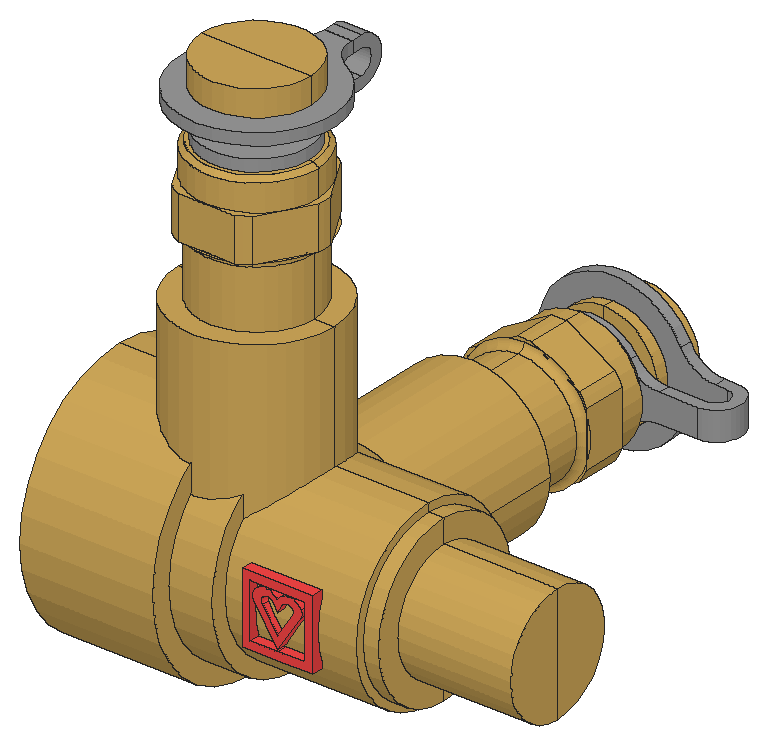
Revit family "HERZ Metering Station 4000", category Rohrzubehör, Revit 2018
Family settings
  Bemaßung runder Anschluss = Durchmesser verwenden
  Teiletyp = Unterbricht
  OmniClass-Nummer = 23.65.55.14
  OmniClass-Titel = Valves for Liquid Services
  Arbeitsebenenbasiert = Nein
  Immer vertikal = Ja
  Beim Laden mit Abzugskörper schneiden = Nein
  Gemeinsam genutzt = Nein
Parameters
  kvs-value [instance] = if(Nennweite = 15.00 mm, 2.2, if(Nennweite = 20.00 mm, 4.25, if(Nennweite = 25.00 mm, 8.6, if(Nennweite = 32.00 mm, 15.9, if(Nennweite = 40.00 mm, 23.7, if(Nennweite = 50.00 mm, 48, 0))))))  # 2.2
  URL = "www.herzvalves.com"
  SCRNSEQ = "AWI;AWI_TYP=\"1001\";02"
  SCRNCODE = "02;01;02"  # constant formula
  S03 = 10.00 mm  # constant formula
  S02 [instance] = S01 - 10.00 mm  # 17.50 mm
  S01 [instance] = H01  # 27.50 mm
  R01 [instance] = size_lookup("4000_", "R1", 1.00 mm, Nennweite)  # 10.00 mm
  Part number [instance] = size_lookup("4000_", "Artnr", 0, Nennweite)  # 1400001
  Nennweite [instance] = 15.00 mm
  Test point = "brass, CW602N"  # constant formula
  Model = "The metering station made of DZR brass has two measuring valves.\r\nAccording to EN 10226, the inlet has an internal thread Rp and the outlet an external thread R."
  Min. operating temperature = -20 °C  # constant formula
  Medium = "Water purity in accordance with the OeNORM H5195 and VDI 2035 standards.\r\nEthylene and propylene glycol can be mixed to a ratio of 25 - 50 vol. %."
  Max. operating pressure = 2000000.0 Pa  # constant formula
  Max. operating temperature (until DN32) = 130 °C  # constant formula
  Max. operating temperature (from DN40) = 110 °C  # constant formula
  LO01 [instance] = if(Nennweite = 15.00 mm, 30.00 mm, if(Nennweite = 20.00 mm, 32.00 mm, if(Nennweite = 25.00 mm, 37.00 mm, if(Nennweite = 32.00 mm, 42.00 mm, if(Nennweite = 40.00 mm, 42.00 mm, if(Nennweite = 50.00 mm, 45.00 mm, 0.00 mm))))))  # 30.00 mm
  L05 [instance] = size_lookup("4000_", "L5", 1.00 mm, Nennweite)  # 23.00 mm
  L04 [instance] = size_lookup("4000_", "L4", 1.00 mm, Nennweite)  # 16.50 mm
  L03 [instance] = size_lookup("4000_", "L3", 1.00 mm, Nennweite)  # 22.60 mm
  L02 [instance] = size_lookup("4000_", "L2", 1.00 mm, Nennweite)  # 17.00 mm
  L01 [instance] = size_lookup("4000_", "L1", 1.00 mm, Nennweite)  # 17.50 mm
  L00 [instance] = size_lookup("4000_", "L", 1.00 mm, Nennweite)  # 56.00 mm
  IG [instance] = Nennweite / 2  # 7.50 mm
  Hersteller = "HERZ Armaturen Ges.m.b.H."  # constant formula
  H01 [instance] = size_lookup("4000_", "H1", 1.00 mm, Nennweite)  # 27.50 mm
  GT1 [instance] = size_lookup("4000_", "GT1", 1.00 mm, Nennweite)  # 14.50 mm
  GT [instance] = size_lookup("4000_", "GT", 1.00 mm, Nennweite)  # 13.00 mm
  D04 [instance] = D03 - 1.00 mm  # 10.50 mm
  D03 [instance] = size_lookup("4000_", "D3", 1.00 mm, Nennweite)  # 11.50 mm
  D02 [instance] = size_lookup("4000_", "D2", 1.00 mm, Nennweite)  # 13.50 mm
  D01 [instance] = size_lookup("4000_", "D1", 1.00 mm, Nennweite)  # 16.00 mm
  Body = "brass, CC770S"  # constant formula
  Application = "HERZ metering stations are installed in the circuit of water heating and cooling systems and enable the hydraulic balancing of the circuits with one another.\r\nThe metering stations can be used in the supply line as well as in the return line.\r\nThey are either installed closely connected to a HERZ commissioning valve to form a complete set or used in connection with a HERZ shutoff valve.\r\nThe circuit is adjusted by setting the commissioning valve while measuring the pressure loss on the metering station."
  AG [instance] = Nennweite / 2  # 7.50 mm
Reference planes
  plane 1 "Mitte (Vorne/hinten)": y = 0
  plane 2: z = 0
  plane 3 "Mitte (Links/rechts)": x = 0
Forms (mm)
  Revolve 1, solid, material "Messing, weicher Gelbton, geschweißt", detail levels fine
    sketch origin (0, 0, 0) x (1, 0, 0) y (0, 0, 1)
      loop
        line (-4.5, 0) -> (38.5, 0) -> (38.5, 7.5) -> (24, 7.5) -> (24, 10.5) -> (22, 10.5) -> (22, 11.5) -> (5.1, 11.5) -> (5.1, 13.5) -> (-0.5, 13.5) -> (-0.5, 16) -> (-17.5, 16) -> (-17.5, 7.5) -> (-4.5, 7.5) -> (-4.5, 0)
      axis (-17.5, 0) -> (38.5, 0)
    angle from 0 to 360
  Revolve 2, solid, material "Messing, weicher Gelbton, geschweißt", detail levels fine
    sketch origin (0, 0, 0) x (1, 0, 0) y (0, 0, 1)
      loop
        line (-10, 7.5) -> (0, 7.5) -> (0, 27.5) -> (-10, 27.5) -> (-10, 7.5)
      axis (0, 27.5) -> (0, 7.5)
    angle from 0 to 360
  Revolve 3, solid, material "Messing, weicher Gelbton, geschweißt", detail levels fine
    sketch origin (0, 0, 0) x (1, 0, 0) y (0, 1, 0)
      loop
        line (5.5, 7.5) -> (15.5, 7.5) -> (15.5, 27.5) -> (5.5, 27.5) -> (5.5, 7.5)
      axis (5.5, 27.5) -> (5.5, 7.5)
    angle from 0 to 360
Lines and regions (mm)
  model lines, detail levels coarse+medium
    curve 1: line (-17.5, 0, 0) -> (0.5, 0, 0)
    curve 2: line (10.5, 0, -27.5) -> (10.5, 0, 27.5)
    curve 3: line (20.5, 0, 17.5) -> (20.5, 0, -17.5)
    curve 4: line (20.5, 0, 0) -> (38.5, 0, 0)
    curve 5: line (0.5, 0, 17.5) -> (0.5, 0, -17.5)
    curve 6: line (-17.5, 0, 0) -> (0.5, 0, 0)
    curve 7: line (10.5, 27.5, 0) -> (10.5, -27.5, 0)
    curve 8: line (0.5, 17.5, 0) -> (0.5, -17.5, 0)
    curve 9: line (20.5, 17.5, 0) -> (20.5, -17.5, 0)
    curve 10: line (20.5, 0, 0) -> (38.5, 0, 0)
Dimensions and locks
  "L00": Revolve 1 sketch curve to Revolve 1 sketch curve
  "GT": Revolve 1 sketch curve to Revolve 1 sketch curve
  "L01": plane 3 "Mitte (Links/rechts)" to Revolve 1 sketch curve
  "GT1": Revolve 1 sketch curve to Revolve 1 sketch curve
  "L02": Revolve 1 sketch curve to Revolve 1 sketch curve
  "L03": Revolve 1 sketch curve to Revolve 1 sketch curve
  "L04": Revolve 1 sketch curve to Revolve 1 sketch curve
  "AG": Revolve 1 sketch curve to plane 2
  "IG": Revolve 1 sketch curve to plane 2
  "D01": Revolve 1 sketch curve to plane 2
  "D02": Revolve 1 sketch curve to plane 2
  "D03": Revolve 1 sketch curve to plane 2
  "D04": Revolve 1 sketch curve to plane 2
  "D03": nested 1 to plane 1 "Mitte (Vorne/hinten)"
  "LO01": Revolve 1 to nested 1
  "IG": Revolve 2 sketch curve to plane 2
  "H01": Revolve 2 sketch curve to plane 2
  "R01": plane 3 "Mitte (Links/rechts)" to Revolve 2 sketch curve
  "H01": nested 2 to plane 2
  "IG": plane 1 "Mitte (Vorne/hinten)" to Revolve 3 sketch curve
  "H01": plane 1 "Mitte (Vorne/hinten)" to Revolve 3 sketch curve
  "R01": Revolve 3 sketch curve to Revolve 3 sketch curve
  "L05": Revolve 1 to Revolve 3 sketch curve  (x2)
  "H01": plane 1 "Mitte (Vorne/hinten)" to nested 3
  "L05": Revolve 1 to nested 3
  "L01": Revolve 1 to nested 2
  "S01": curve 2 to curve 4 to curve 2
  "L00": curve 1 to curve 4
  "S02": curve 3 to curve 4 to curve 3
  "S03": curve 2 to curve 3
  "S03": curve 2 to curve 5
  equal spacing: curve 4, curve 2, curve 1
  "S02": curve 5 to curve 1 to curve 5
  "L01": plane 3 "Mitte (Links/rechts)" to curve 1
  "L00": curve 6 to curve 10
  equal spacing: curve 6, curve 7, curve 10
  "S03": curve 8 to curve 7 to curve 9
  "S02": curve 9 to curve 10 to curve 9
  "S02": curve 8 to curve 6 to curve 8
  "S01": curve 7 to curve 10 to curve 7
  "L01": curve 6 to plane 3 "Mitte (Links/rechts)"
  aligned and locked: level to plane 2
Automatic sketch dimensions
  curve 4 to level = 0.00 mm
  curve 1 to level = 0.00 mm
  plane 1 "Mitte (Vorne/hinten)" to curve 10 = 0.00 mm
  plane 1 "Mitte (Vorne/hinten)" to curve 6 = 0.00 mm
  Revolve 1 sketch curve to level = 0.00 mm  (x2)
  Revolve 1 sketch curve to Revolve 1 sketch curve = 1489.03 mm
  Revolve 1 sketch curve to Revolve 1 sketch curve = 1800.648 mm
  Revolve 2 sketch curve to plane 3 "Mitte (Links/rechts)" = 0.00 mm  (x2)
  Revolve 2 sketch curve to level = 366.045 mm
  Revolve 2 sketch curve to Revolve 2 sketch curve = 2186.815 mm
  Revolve 3 sketch curve to Revolve 3 sketch curve = 0.00 mm  (x2)
Nested families
  nested 1: "Herz-Logo-vorne" at (12.5, -11.5, 0) x (0, 1, 0) z (0, 0, 1), type "Herz-Logo-vorne", detail levels fine
  nested 2: "Messstutzen_Band_Eintritt_senkrecht_(oben)" at (0, 0, 18.5), type "Messstutzen_Band_Eintritt_senkrecht_(oben)", detail levels fine
    with Schutzkappe yes, Nennweite 0.00 mm, Gewicht 0.00 kg, Bestellnummer 0
  nested 3: "Messstutzen_Band_Austritt_waagrecht" at (5.5, 18.5, 0) x (0, -1, 0) z (0, 0, 1), type "Messstutzen_Band_Austritt_waagrecht", detail levels fine
    with Schutzkappe yes, Nennweite 0.00 mm, Gewicht 0.00 kg, Bestellnummer 0
Connectors
  piping at (-4.5, 0, 0), diameter 15, driven by "Nennweite"
    settings: on Revolve 1, index 1, connector inside diameter 609.6 mm, connector length 0.00 mm, flow factor 0, pipe flow 0.0 L/s, pressure drop 0.0 Pa, fitting loss kfactor 0, connector angle 0.00°, fixture units 0, engagement length 0.00 mm, angle of deflection 0.00°, flow configuration 0, flow direction 1, fitting loss method 0, system type 29, joint type 0, gender type 0, connector reference index -1, connector utility 0, adjustable connector no, is connector primary yes, connector description ""
  piping at (38.5, 0, 0), diameter 15, driven by "Nennweite"
    settings: on Revolve 1, index 2, connector inside diameter 609.6 mm, connector length 0.00 mm, flow factor 0, pipe flow 0.0 L/s, pressure drop 0.0 Pa, fitting loss kfactor 0, connector angle 0.00°, fixture units 0, engagement length 0.00 mm, angle of deflection 0.00°, flow configuration 0, flow direction 2, fitting loss method 0, system type 29, joint type 0, gender type 0, connector reference index -1, connector utility 0, adjustable connector no, is connector primary no, connector description ""
Definition of nested family "Herz-Logo-vorne"
  Reference planes
    plane 1 "Mitte (Vorne/hinten)": y = 0
    plane 2: z = 0
    plane 3 "Mitte (Links/rechts)": x = 0
  Forms (mm)
    Extrusion 1, solid
      sketch origin (0.732, -0.018, 0.017) x (0, -1, 0) y (0, 0, 1)
        loop
          line (-0.018, -4.517) -> (4.482, -4.517) -> (4.482, 4.483) -> (-4.518, 4.483) -> (-4.518, -4.517) -> (-0.018, -4.517)
        loop
          line (-0.05, -3.48) -> (3.482, -3.48) -> (3.482, 3.483) -> (-3.518, 3.483) -> (-3.518, -3.48) -> (-0.05, -3.48)
        loop
          arc (-0.018, 2.383) -> (-1.543, 3.287) -> (-3.067, 2.383) r 1.738
          arc (-3.067, 2.383) -> (-3.191, 1.899) -> (-3.067, 1.415) r 1.009
          line (-3.067, 1.415) -> (-0.018, -3.281) -> (3.032, 1.415)
          arc (3.032, 1.415) -> (3.156, 1.899) -> (3.032, 2.383) r 1.009
          arc (3.032, 2.383) -> (1.507, 3.287) -> (-0.018, 2.383) r 1.738
        loop
          arc (1.885, 1.272) -> (2.005, 1.675) -> (1.885, 2.079) r 0.74
          arc (1.885, 2.079) -> (1.265, 2.416) -> (0.644, 2.079) r 0.74
          line (0.644, 2.079) -> (-0.018, 0.97) -> (-0.679, 2.079)
          arc (-0.679, 2.079) -> (-1.3, 2.416) -> (-1.921, 2.079) r 0.74
          arc (-1.921, 2.079) -> (-2.04, 1.675) -> (-1.921, 1.272) r 0.74
          line (-1.921, 1.272) -> (-0.018, -1.658) -> (1.885, 1.272)
      from 0 to 1.5
  Dimensions and locks
    aligned and locked: level to plane 2
Definition of nested family "Messstutzen_Band_Eintritt_senkrecht_(oben)"
  Parameters (values of type "Messstutzen_Band_Eintritt_senkrecht_(oben)")
    URL = "www.herz-armaturen.at"
    Schutzkappe [instance] = yes
    Nennweite [instance] = 0.00 mm
    Manufacturer = "Herz Armaturen GmbH"  # constant formula
    Gewicht [instance] = 0.00 kg
    Bestellnummer [instance] = 0
  Reference planes
    plane 1 "Mitte (Vorne/hinten)": y = 0
    plane 2: z = 0
    plane 3 "Mitte (Links/rechts)": x = 0
    plane 4 "Schlaufe 1": z = -27
    plane 5 "Schlaufe 2": z = -31.678
  Forms (mm)
    Revolve 1, solid, detail levels fine
      sketch origin (0, 0, 0) x (1, 0, 0) y (0, 0, 1)
        loop
          line (-7.4, 9) -> (-5.55, 9) -> (-5.55, 6)
          arc (-5.55, 6) -> (-5.626, 5.617) -> (-5.843, 5.293) r 1
          line (-5.843, 5.293) -> (-6.455, 4.681) -> (-6.455, 0.9) -> (-5.555, 0) -> (-2, 0) -> (-2, 17.5) -> (-8.4, 17.5)
          arc (-8.4, 17.5) -> (-7.693, 17.207) -> (-7.4, 16.5) r 1
          line (-7.4, 16.5) -> (-7.4, 9)
        loop
          line (-3.7, 27) -> (-7.3, 27) -> (-7.9, 26.4) -> (-7.9, 23) -> (-2, 23) -> (-2, 35.8) -> (-3.805, 35.8) -> (-4.415, 35.19) -> (-4.415, 30.863) -> (-3.7, 30.45) -> (-3.7, 27)
        axis (0, 0) -> (0, 35.8)
      angle from 0 to 360
    Extrusion 2, solid, detail levels fine
      sketch origin (0, 0, 17.5) x (0, 1, 0) y (-1, 0, 0)
        loop
          arc (-7.07, 5.156) -> (-7.578, 4.375) -> (-8, 3.544) r 8.75
          line (-8, 3.544) -> (-8, -3.544)
          arc (-8, -3.544) -> (-7.578, -4.375) -> (-7.07, -5.156) r 8.75
          line (-7.07, -5.156) -> (-0.93, -8.7)
          arc (-0.93, -8.7) -> (0, -8.75) -> (0.93, -8.7) r 8.75
          line (0.93, -8.7) -> (7.07, -5.156)
          arc (7.07, -5.156) -> (7.578, -4.375) -> (8, -3.544) r 8.75
          line (8, -3.544) -> (8, 3.544)
          arc (8, 3.544) -> (7.578, 4.375) -> (7.07, 5.156) r 8.75
          line (7.07, 5.156) -> (0.93, 8.7)
          arc (0.93, 8.7) -> (0, 8.75) -> (-0.93, 8.7) r 8.75
          line (-0.93, 8.7) -> (-7.07, 5.156)
      from 0 to 5.5
    Revolve 3, solid, visible <- "Schutzkappe", detail levels fine
      sketch origin (0, 0, 0) x (1, 0, 0) y (0, 0, 1)
        loop
          line (0, 35.878) -> (0, 36.678) -> (-7, 36.678) -> (-7, 33.378) -> (-6.1, 33.378) -> (-6.1, 31.678) -> (-6.9, 31.678) -> (-6.9, 30.178) -> (-4.415, 30.178) -> (-4.415, 35.268) -> (-3.805, 35.878) -> (0, 35.878)
        axis (0, 30.178) -> (0, 36.678)
      angle from 0 to 360
    Extrusion 4, solid, detail levels fine
      sketch origin (0, 0, 28.5) x (1, 0, 0) y (0, 1, 0)
        loop
          circle (0, 0) r 3.7
        loop
          arc (-3.906, 5.505) -> (0, -6.75) -> (3.906, 5.505) r 6.75
          arc (3.906, 5.505) -> (2.358, 7.288) -> (1.8, 9.582) r 5
          line (1.8, 9.582) -> (-1.8, 9.582)
          arc (-1.8, 9.582) -> (-2.358, 7.288) -> (-3.906, 5.505) r 5
      from 0 to -1.5
    Extrusion 5, solid, detail levels fine
      sketch origin (0, 0, 33.178) x (1, 0, 0) y (0, 1, 0)
        loop
          circle (0, 0) r 6.1
        loop
          arc (-4.495, 8.652) -> (0, -9.75) -> (4.495, 8.652) r 9.75
          arc (4.495, 8.652) -> (2.527, 10.493) -> (1.8, 13.089) r 5
          line (1.8, 13.089) -> (-1.8, 13.089)
          arc (-1.8, 13.089) -> (-2.527, 10.493) -> (-4.495, 8.652) r 5
      from 0 to -1.5
    Sweep 6, solid, detail levels fine
      path origin (0, 0, 0) x (0, 0, -1) y (0, -1, 0)
        loop
          line (-27.75, -9.582) -> (-27.75, -14.522)
          arc (-27.75, -14.522) -> (-30.089, -16.862) -> (-32.428, -14.522) r 2.339
          line (-32.428, -14.522) -> (-32.428, -13.089)
      profile origin (0, 12.052, 27.75) x (0, 0, 1) y (1, 0, 0)
        loop
          line (-0.75, -1.8) -> (0.75, -1.8) -> (0.75, 1.8) -> (-0.75, 1.8) -> (-0.75, -1.8)
  Dimensions and locks
    aligned and locked: level to plane 2
Definition of nested family "Messstutzen_Band_Austritt_waagrecht"
  Parameters (values of type "Messstutzen_Band_Austritt_waagrecht")
    URL = "www.herz-armaturen.at"
    Schutzkappe [instance] = yes
    Nennweite [instance] = 0.00 mm
    Manufacturer = "Herz Armaturen GmbH"  # constant formula
    Gewicht [instance] = 0.00 kg
    Bestellnummer [instance] = 0
  Reference planes
    plane 1 "Mitte (Vorne/hinten)": y = 0
    plane 2: z = 0
    plane 3 "Mitte (Links/rechts)": x = 0
  Forms (mm)
    Revolve 1, solid, detail levels fine
      sketch origin (0, 0, 0) x (0, 0, -1) y (1, 0, 0)
        loop
          line (-7.4, -9) -> (-7.4, -16.5)
          arc (-7.4, -16.5) -> (-7.693, -17.207) -> (-8.4, -17.5) r 1
          line (-8.4, -17.5) -> (-2, -17.5) -> (-2, 0) -> (-5.555, 0) -> (-6.455, -0.9) -> (-6.455, -4.681) -> (-5.843, -5.293)
          arc (-5.843, -5.293) -> (-5.626, -5.617) -> (-5.55, -6) r 1
          line (-5.55, -6) -> (-5.55, -9) -> (-7.4, -9)
        loop
          line (-3.7, -27) -> (-3.7, -30.45) -> (-4.415, -30.863) -> (-4.415, -35.19) -> (-3.805, -35.8) -> (-2, -35.8) -> (-2, -23) -> (-7.9, -23) -> (-7.9, -26.4) -> (-7.3, -27) -> (-3.7, -27)
        axis (0, 0) -> (0, -35.8)
      angle from 0 to 360
    Extrusion 2, solid, detail levels fine
      sketch origin (-17.5, 0, 0) x (0, 0, 1) y (0, 1, 0)
        loop
          line (5.156, -7.07) -> (8.7, -0.93)
          arc (8.7, -0.93) -> (8.75, 0) -> (8.7, 0.93) r 8.75
          line (8.7, 0.93) -> (5.156, 7.07)
          arc (5.156, 7.07) -> (4.375, 7.578) -> (3.544, 8) r 8.75
          line (3.544, 8) -> (-3.544, 8)
          arc (-3.544, 8) -> (-4.375, 7.578) -> (-5.156, 7.07) r 8.75
          line (-5.156, 7.07) -> (-8.7, 0.93)
          arc (-8.7, 0.93) -> (-8.75, 0) -> (-8.7, -0.93) r 8.75
          line (-8.7, -0.93) -> (-5.156, -7.07)
          arc (-5.156, -7.07) -> (-4.375, -7.578) -> (-3.544, -8) r 8.75
          line (-3.544, -8) -> (3.544, -8)
          arc (3.544, -8) -> (4.375, -7.578) -> (5.156, -7.07) r 8.75
      from 0 to 5.5
    Revolve 3, solid, visible <- "Schutzkappe", detail levels fine
      sketch origin (0, 0, 0) x (0, 0, -1) y (1, 0, 0)
        loop
          line (0, -35.878) -> (-3.805, -35.878) -> (-4.415, -35.268) -> (-4.415, -30.178) -> (-6.9, -30.178) -> (-6.9, -31.678) -> (-6.1, -31.678) -> (-6.1, -33.378) -> (-7, -33.378) -> (-7, -36.678) -> (0, -36.678) -> (0, -35.878)
        axis (0, -30.178) -> (0, -36.678)
      angle from 0 to 360
    Extrusion 4, solid, detail levels fine
      sketch origin (-27, 0, 0) x (0, 1, 0) y (0, 0, 1)
        loop
          circle (0, 0) r 3.7
        loop
          arc (5.505, 3.906) -> (-6.75, 0) -> (5.505, -3.906) r 6.75
          arc (5.505, -3.906) -> (7.288, -2.358) -> (9.582, -1.8) r 5
          line (9.582, -1.8) -> (9.582, 1.8)
          arc (9.582, 1.8) -> (7.288, 2.358) -> (5.505, 3.906) r 5
      from 0 to -1.5
    Extrusion 5, solid, detail levels fine
      sketch origin (-31.678, 0, 0) x (0, 1, 0) y (0, 0, 1)
        loop
          circle (0, 0) r 6.1
        loop
          arc (8.652, 4.495) -> (-9.75, 0) -> (8.652, -4.495) r 9.75
          arc (8.652, -4.495) -> (10.493, -2.527) -> (13.089, -1.8) r 5
          line (13.089, -1.8) -> (13.089, 1.8)
          arc (13.089, 1.8) -> (10.493, 2.527) -> (8.652, 4.495) r 5
      from 0 to -1.5
    Sweep 6, solid, detail levels fine
      path origin (0, 0, 0) x (0, -1, 0) y (1, 0, 0)
        loop
          line (-9.582, -27.75) -> (-14.522, -27.75)
          arc (-14.522, -27.75) -> (-16.862, -30.089) -> (-14.522, -32.428) r 2.339
          line (-14.522, -32.428) -> (-13.089, -32.428)
      profile origin (-27.75, 12.052, 0) x (-1, 0, 0) y (0, 0, 1)
        loop
          line (-0.75, 1.8) -> (-0.75, -1.8) -> (0.75, -1.8) -> (0.75, 1.8) -> (-0.75, 1.8)
  Cuts and joins
    joined: Extrusion 4, Extrusion 5, Sweep 6
  Dimensions and locks
    aligned and locked: level to plane 2
